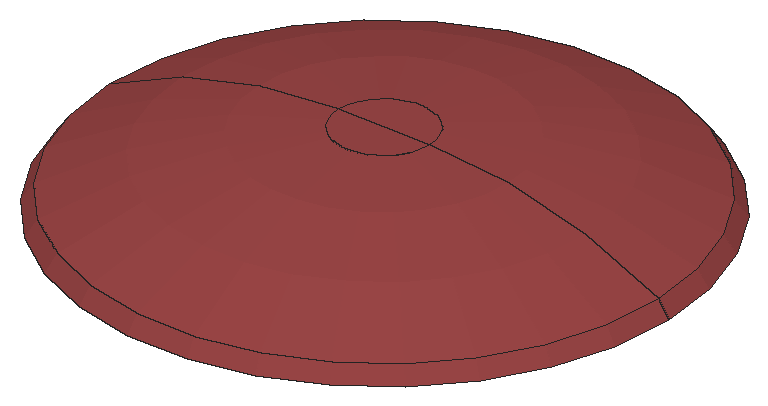
Revit family "N-TOP ACCESS ALU NATURAL BRIGHT", category Generic Models, host Face, Revit 2015
Parameters (values of type "NTOPAL3BRNA1")
  Product data url = "https://www.bimobject.com/emac/product/ntopal"
  Product Material = Finish_Emac_Aluminum-Natural-Bright-167
  Product Guid = "c028ec28-127e-4988-9037-fb5111105077"
  Model = "NOVOTOP ACCESS ALU BRILLO NAT"
  Manufacturer = "EMAC"
  Edition number = 1
  Description = "NOVOTOP ACCESS 3MM ALU BRILLO NAT 1ud."
  Default Elevation = 1219.2 mm
  5mm = no
  3mm = yes
Types (3, lengths in mm): name | 5mm | 3mm
  (no name) | no | yes
  NTOPAL3BRNA1 | no | yes
  NTOPAL5BRNA1 | yes | no
Reference planes
  plane 1 "Center (Front/Back)": y = 0
  plane 2: z = 0
  plane 3 "Center (Left/Right)": x = 0
Forms (mm)
  Revolve 1, solid, material "Finish_Emac_Aluminum-Natural-Bright-167" <- "Product Material", visible <- "3mm"
    sketch origin (0, 0, 0) x (1, 0, 0) y (0, 0, 1)
      loop
        line (9, 0.8) -> (9, 0) -> (12.5, 0) -> (12.04, 0.656)
        arc (12.04, 0.656) -> (7.179, 2.554) -> (2, 3.2) r 21.088
        line (2, 3.2) -> (0, 3.2) -> (0, 0.8) -> (9, 0.8)
      axis (0, 3.2) -> (0, 0)
    angle from 0 to 360
  Revolve 2, solid, material "Finish_Emac_Aluminum-Natural-Bright-167" <- "Product Material", visible <- "5mm"
    sketch origin (0, 0, 0) x (1, 0, 0) y (0, 0, 1)
      loop
        line (12.5, 0) -> (12.04, 0.656)
        arc (12.04, 0.656) -> (7.47, 3.868) -> (2, 5) r 13.776
        line (2, 5) -> (0, 5) -> (0, 0.8) -> (9, 0.8) -> (9, 0) -> (12.5, 0)
      axis (0, 5) -> (0, 0)
    angle from 0 to 360
Dimensions and locks
  aligned and locked: plane 2 to host face
  aligned and locked: level to host face
